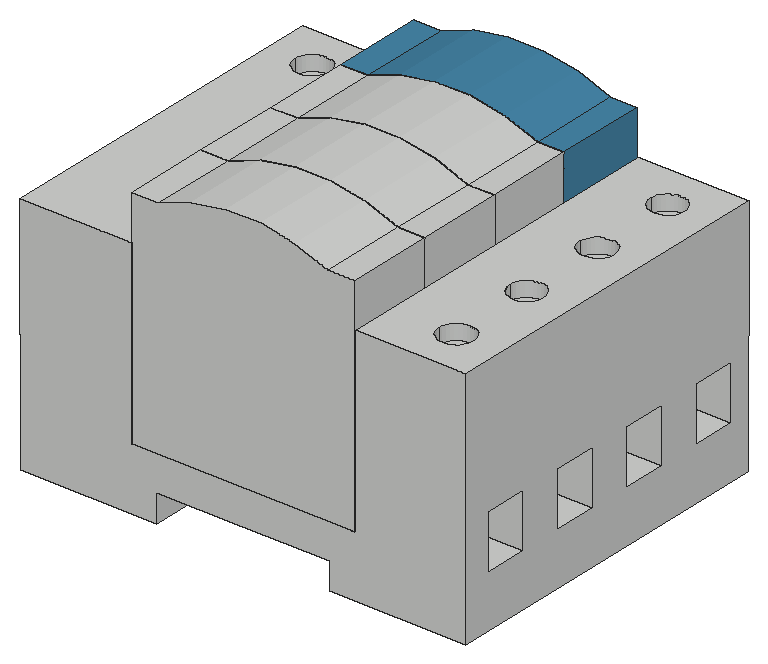
Revit family "Überspannungsableiter 3-polig + NPE mit Fernsignalisierung", category Generic Models, Revit 2015
Parameters (values of type "V10-C 3+NPE+FS")
  Width = 90 mm
  URL = "http://www.obo-bettermann.com"
  Material 2 = OBO PA GF20 RAL 5017
  Material = OBO PA 6 GF20
  Manufacturer Art.No. = "5094931"
  Manufacturer = "OBO Bettermann"
  Length = 71.2 mm
  Height = 60 mm
  GTIN = "4012195363941"
  Diameter = 7 mm
  Cut depth = 12 mm
  Article Type = "V10-C 3+NPE+FS"
Reference planes
  plane 1 "Center (Front/Back)": y = 0
  plane 2: z = 0
  plane 3 "Center (Left/Right)": x = 0
  plane 4: z = 54.998
  plane 5: y = 27
  plane 6: y = -44.2
  plane 7: z = 37
  plane 8: z = 48
  plane 9: z = 46
  plane 10: z = 58
  plane 11: z = 60
  plane 12: x = 30.5
  plane 13: y = -26.6
  plane 14: y = -9
  plane 15: y = 8.6
  plane 16: x = -30.5
Forms (mm)
  Extrusion 1, solid, material "OBO PA 6 GF20" <- "Material"
    sketch origin (0, 0, 0) x (1, 0, 0) y (0, 0, 1)
      loop
        line (0, 5.5) -> (17.5, 5.5) -> (17.5, 0) -> (45, 0) -> (45, 49) -> (-45, 49) -> (-45, 0) -> (-17.5, 0) -> (-17.5, 5.5) -> (0, 5.5)
    from -27 to 44.2
  Extrusion 2, void
    sketch origin (0, 0, 0) x (1, 0, 0) y (0, 0, 1)
      loop
        line (-22.55, 49) -> (-22.55, 12.55) -> (22.55, 12.55) -> (22.55, 49) -> (-22.55, 49)
    from -27 to 44.2
  Extrusion 3, solid, material "OBO PA 6 GF20" <- "Material"
    sketch origin (0, 0, 0) x (1, 0, 0) y (0, 0, 1)
      loop
        line (-22.55, 12.55) -> (22.541, 12.55) -> (22.541, 58) -> (17.141, 58)
        arc (17.141, 58) -> (-0.004, 61.8) -> (-17.15, 58) r 40.581
        line (-17.15, 58) -> (-22.55, 58) -> (-22.55, 12.55)
    from 26.6 to 44.2
  Extrusion 4, void
    sketch origin (0, 0, 0) x (0, 1, 0) y (0, 0, 1)
      loop
        line (22.7, 21.7) -> (13.7, 21.7) -> (13.7, 10.7) -> (22.7, 10.7) -> (22.7, 21.7)
      loop
        line (5.2, 21.7) -> (-3.8, 21.7) -> (-3.8, 10.7) -> (5.2, 10.7) -> (5.2, 21.7)
      loop
        line (-12.3, 21.7) -> (-21.3, 21.7) -> (-21.3, 10.7) -> (-12.3, 10.7) -> (-12.3, 21.7)
      loop
        line (-38.8, 21.7) -> (-38.8, 10.7) -> (-29.8, 10.7) -> (-29.8, 21.7) -> (-38.8, 21.7)
    from 30.5 to 45
  Extrusion 5, solid, material "OBO PA 6 GF20" <- "Material"
    sketch origin (0, 0, 0) x (1, 0, 0) y (0, 0, 1)
      loop
        arc (17.141, 58) -> (-0.004, 61.8) -> (-17.15, 58) r 40.581
        line (-17.15, 58) -> (-22.55, 58) -> (-22.55, 12.55) -> (22.541, 12.55) -> (22.541, 58) -> (17.141, 58)
    from 9 to 26.6
  Extrusion 6, solid, material "OBO PA 6 GF20" <- "Material"
    sketch origin (0, 0, 0) x (1, 0, 0) y (0, 0, 1)
      loop
        arc (17.141, 58) -> (-0.004, 61.8) -> (-17.15, 58) r 40.581
        line (-17.15, 58) -> (-22.55, 58) -> (-22.55, 12.55) -> (22.541, 12.55) -> (22.541, 58) -> (17.141, 58)
    from -8.6 to 9
  Extrusion 7, solid, material "OBO PA GF20 RAL 5017" <- "Material 2"
    sketch origin (0, 0, 0) x (1, 0, 0) y (0, 0, 1)
      loop
        arc (17.141, 58) -> (-0.004, 61.8) -> (-17.15, 58) r 40.581
        line (-17.15, 58) -> (-22.55, 58) -> (-22.55, 12.55) -> (22.541, 12.55) -> (22.541, 58) -> (17.141, 58)
    from -27 to -8.6
  Extrusion 8, void
    sketch origin (0, 0, 0) x (0, 1, 0) y (0, 0, 1)
      loop
        line (22.7, 21.7) -> (13.7, 21.7) -> (13.7, 10.7) -> (22.7, 10.7) -> (22.7, 21.7)
    from -45 to -30.5
  Extrusion 9, void
    sketch origin (0, 0, 0) x (1, 0, 0) y (0, 1, 0)
      loop
        circle (35.9, 18.1) r 3.5
      loop
        circle (35.9, 0.3) r 3.5
      loop
        circle (35.9, -17.5) r 3.5
      loop
        circle (35.9, -35.3) r 3.5
    from 46 to 49
  Extrusion 10, void
    sketch origin (0, 0, 0) x (1, 0, 0) y (0, 1, 0)
      loop
        circle (-35.9, 18.1) r 3.5
    from 46 to 49
Cuts and joins
  Extrusion 2, Extrusion 4, Extrusion 8, Extrusion 9, Extrusion 10 cuts Extrusion 1
  Extrusion 4 cuts Extrusion 3
  Extrusion 8 cuts Extrusion 7
Dimensions and locks
  locked: Extrusion 1 sketch curve to plane 3 "Center (Left/Right)" at 45
  locked: Extrusion 1 sketch curve to level at 5.5
  locked: Extrusion 1 sketch curve to plane 3 "Center (Left/Right)" at 17.5
  "Width": Extrusion 1 sketch curve to Extrusion 1 sketch curve
  locked: plane 3 "Center (Left/Right)" to Extrusion 1 sketch curve at 17.5
  locked: Extrusion 1 sketch curve to level at 49
  "Length": plane 5 to plane 6
  locked: plane 8 to plane 9 at 2
  Extrusion 2 sketch curve to Extrusion 2 sketch curve = 45.1 mm
  equal spacing: Extrusion 2 sketch curve, plane 3 "Center (Left/Right)", Extrusion 2 sketch curve, locked at 22.55 each
  locked: Extrusion 1 to Extrusion 2 sketch curve at 36.45
  locked: plane 10 to cut or joined group of Extrusion 1, Extrusion 2, Extrusion 4, Extrusion 8, Extrusion 9, Extrusion 10 at 9
  "Height": plane 11 to level
  locked: Extrusion 3 sketch curve to Extrusion 3 sketch curve at 5.4  (x2)
  locked: plane 5 to plane 1 "Center (Front/Back)" at 27
  locked: cut or joined group of Extrusion 1, Extrusion 2, Extrusion 4, Extrusion 8, Extrusion 9, Extrusion 10 to plane 12 at 14.5
  locked: plane 6 to plane 13 at 17.6
  plane 14 to plane 13 = 17.6 mm
  plane 15 to plane 14 = 17.6 mm
  locked: Extrusion 4 sketch curve to Extrusion 4 sketch curve at 9  (x4)
  locked: Extrusion 4 sketch curve to cut or joined group of Extrusion 1, Extrusion 2, Extrusion 4, Extrusion 8, Extrusion 9, Extrusion 10 at 4.3
  locked: Extrusion 4 sketch curve to Extrusion 4 sketch curve at 11
  locked: cut or joined group of Extrusion 1, Extrusion 2, Extrusion 4, Extrusion 8, Extrusion 9, Extrusion 10 to Extrusion 4 sketch curve at 10.7
  locked: Extrusion 4 sketch curve to Extrusion 4 sketch curve at 8.5  (x3)
  locked: plane 16 to cut or joined group of Extrusion 1, Extrusion 2, Extrusion 4, Extrusion 8, Extrusion 9, Extrusion 10 at 14.5
  locked: cut or joined group of Extrusion 1, Extrusion 2, Extrusion 4, Extrusion 8, Extrusion 9, Extrusion 10 to Extrusion 9 sketch curve at 8.9
  locked: Extrusion 9 sketch curve to cut or joined group of Extrusion 1, Extrusion 2, Extrusion 4, Extrusion 8, Extrusion 9, Extrusion 10 at 9.1  (x4)
  locked: Extrusion 9 sketch curve to Extrusion 9 sketch curve at 17.8  (x3)
  locked: cut or joined group of Extrusion 1, Extrusion 2, Extrusion 4, Extrusion 8, Extrusion 9, Extrusion 10 to Extrusion 10 sketch curve at 9.1
  locked: cut or joined group of Extrusion 1, Extrusion 2, Extrusion 4, Extrusion 8, Extrusion 9, Extrusion 10 to Extrusion 10 sketch curve at 8.9
  radius of Extrusion 3 sketch curve = 40.581 mm
  "Diameter": diameter of Extrusion 9 sketch curve  (x4)
  "Diameter": diameter of Extrusion 10 sketch curve
  aligned and locked: level to plane 2
  aligned and locked: Extrusion 1 to plane 5
  aligned and locked: plane 6 to Extrusion 1
  aligned and locked: level to Extrusion 1 sketch curve
  aligned and locked: Extrusion 2 sketch curve to Extrusion 1
  aligned and locked: Extrusion 1 to Extrusion 2  (x2)
  aligned and locked: cut or joined group of Extrusion 1, Extrusion 2, Extrusion 4, Extrusion 8, Extrusion 9, Extrusion 10 to Extrusion 3 sketch curve
  aligned and locked: Extrusion 3 sketch curve to cut or joined group of Extrusion 1, Extrusion 2, Extrusion 4, Extrusion 8, Extrusion 9, Extrusion 10
  aligned and locked: Extrusion 3 sketch curve to plane 10  (x2)
  aligned and locked: Extrusion 4 to plane 12
  aligned and locked: Extrusion 1 to Extrusion 4
  aligned and locked: Extrusion 3 to cut or joined group of Extrusion 1, Extrusion 2, Extrusion 4, Extrusion 8, Extrusion 9, Extrusion 10
  aligned and locked: plane 13 to Extrusion 3
  aligned and locked: Extrusion 5 sketch curve to cut or joined group of Extrusion 3, Extrusion 4  (x6)
  aligned and locked: plane 14 to Extrusion 5
  aligned and locked: Extrusion 5 to cut or joined group of Extrusion 3, Extrusion 4
  aligned and locked: Extrusion 6 sketch curve to cut or joined group of Extrusion 3, Extrusion 4  (x6)
  aligned and locked: plane 15 to Extrusion 6
  aligned and locked: Extrusion 6 to plane 14
  aligned and locked: Extrusion 7 sketch curve to cut or joined group of Extrusion 3, Extrusion 4  (x6)
  aligned and locked: Extrusion 7 to plane 5
  aligned and locked: Extrusion 7 to plane 15
  aligned and locked: Extrusion 4 sketch curve to Extrusion 4 sketch curve  (x6)
  aligned and locked: Extrusion 8 sketch curve to cut or joined group of Extrusion 1, Extrusion 2, Extrusion 4, Extrusion 8, Extrusion 9, Extrusion 10  (x4)
  aligned and locked: Extrusion 1 to Extrusion 8
  aligned and locked: plane 16 to Extrusion 8
  aligned and locked: Extrusion 9 to plane 9
  aligned and locked: Extrusion 1 to Extrusion 9
  aligned and locked: Extrusion 10 to plane 9
  aligned and locked: Extrusion 1 to Extrusion 10
Automatic sketch dimensions
  Extrusion 1 sketch curve to plane 3 "Center (Left/Right)" = 0 mm
  Extrusion 1 sketch curve to level = 0 mm
  Extrusion 3 sketch curve to plane 3 "Center (Left/Right)" = 0.004 mm
